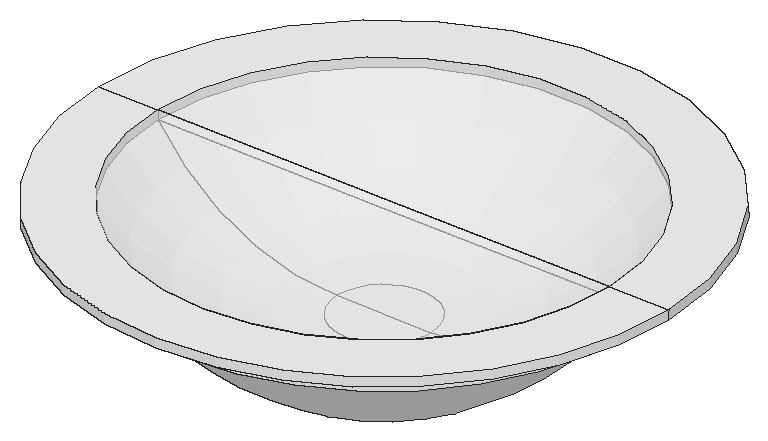
Revit family "0030342 Sylvania Lighting Fixture START Downlight 175 IP44 1-10V 1425Lm 830", category Lighting Fixtures, host Face, Revit 2016
Family settings
  Host = Face
  Part Type = Normal
  Round Connector Dimension = Use Diameter
  OmniClass Number = 23.80.70.00
  OmniClass Title = Lighting
  Cut with Voids When Loaded = No
  Light Source = Yes
  Shared = No
  Room Calculation Point = No
Parameters (values of type "0030342 ST DOWNLIGHT 175 IP44 1-10V 1425LM 830")
  Weight = "7.272 kg"
  Wattage Comments = ""
  Wattage = 14 W
  WarrantyStartDate [instance] = "n/a"
  WarrantyGuarantorParts = "n/a"
  WarrantyDurationUnit = "n/a"
  WarrantyDurationParts = "n/a"
  WarrantyDescription = "n/a"
  built-in parameter 1150110 = 1 (stored number, unit not read)
  Voltage = 230 V
  URL = "http://www.sylvania-lighting.com"
  TypeName = "START Downlight 175 IP44 1-10V 1425Lm 830"
  Type Image = <None>
  Type Comments = "n/a"
  built-in parameter 1114217 = 1 (stored number, unit not read)
  Tilt Angle = -90.00°
  built-in parameter 1150109 = 1 (stored number, unit not read)
  built-in parameter 1150134 = (empty or 0)
  built-in parameter 1150113 = 1 (stored number, unit not read)
  SerialNumber [instance] = "n/a"
  S_SYL = no
  RadiusTop_SYL = if(S_SYL, 80 mm, if(M_SYL, 100 mm, if(L_SYL, 120 mm, 120 mm)))  # 100 mm
  Photometric Web File = "0030342.ies"
  Material_3_FEILO = Top-Sylvania-STARTDownlight
  PowerFactor = 0.9
  PowerConsumption = "14 W"
  NominalLength = 195 mm
  NominalHeight = 55 mm
  NominalDepth = 195 mm
  Name = "START Downlight 175 IP44 1-10V 1425Lm 830"
  ModelReference = Name  # "START Downlight 175 IP44 1-10V 1425Lm 830"
  ModelNumber = "0030342"
  Model = Name  # "START Downlight 175 IP44 1-10V 1425Lm 830"
  Material = "aluminium housing, polycarbonate diffuser"
  ManufacturerName = "Feilo Sylvania"
  Manufacturer = "Feilo Sylvania"
  M_SYL = yes
  LuminousEfficacy = "100.2 lm/W"
  built-in parameter 1150105 = 784.12 (stored number, unit not read)
  Lumens = 1403.35 lm
  LuminaireType = ""
  built-in parameter 1150115 = 1 (stored number, unit not read)
  LightOutputRatio = "100"
  built-in parameter 1150137 = (empty or 0)
  built-in parameter 1150139 = (empty or 0)
  LampsType = Lamp  # "LED"
  LampNominalLuminous = "1403 lm"
  LampMacAdamStep = "5"
  LampColourTemperature = "3000 K"
  LampColourRenderingIndex = "80"
  built-in parameter 1150112 = 1 (stored number, unit not read)
  built-in parameter 1150114 = 1 (stored number, unit not read)
  Lamp = "LED"
  L_SYL = no
  Keynote = "16500"
  InstallationDate [instance] = "n/a"
  InputVoltage = "220-240V~"
  InputNominalFrequency = "50/60 Hz"
  built-in parameter 1150132 = (empty or 0)
  built-in parameter 1150102 = (empty or 0)
  built-in parameter 1150107 = 3000 (stored number, unit not read)
  built-in parameter 1150138 = (empty or 0)
  IngressProtection = "IP20/44"
  ImpactProtectionIndex = "IK07"
  built-in parameter 1150106 = 7.8412 (stored number, unit not read)
  IfcExportType = "IfcLightFixtureType"
  IfcExportAs = "IfcLightFixtureType"
  Height_SYL = if(S_SYL, 41 mm, if(M_SYL, 47 mm, if(L_SYL, 56 mm, 62 mm)))  # 47 mm
  ExpectedLife = 50000
  Emit from Circle Diameter = Diameter_SYL - 40 mm  # 153 mm
  Emit Shape Visible in Rendering = no
  ElectricShockClassification = "Class II"
  built-in parameter 1150104 = 9.3125 (stored number, unit not read)
  DurationUnit = "hours"
  DocumentationLiterature = "http://www.sylvania-lighting.com/product/en-int/products/0030342"
  DimmingControlOptions = "Dimmable"
  Material_2_FEILO = Diffuser-Sylvania-STARTDownlight
  Dimming Lamp Color Temperature Shift = <None>
  Diameter_SYL = if(S_SYL, 164 mm, if(M_SYL, 193 mm, if(L_SYL, 220 mm, 240 mm)))  # 193 mm
  DiameterTop_SYL = if(S_SYL, 77 mm, if(M_SYL, 81 mm, if(L_SYL, 104 mm, 105 mm)))  # 81 mm
  DiameterRecess_SYL = if(S_SYL, 141 mm, if(M_SYL, 169 mm, if(L_SYL, 198 mm, 216 mm)))  # 169 mm
  Description = ""
  Default Elevation = 1219.2 mm
  CreatedOn = "8/1/2018"
  CreatedBy = "@sylvania-lighting.com"
  Cost = 0
  Color Filter = 16777215
  built-in parameter 1114216 [instance] = (empty or 0)
  ClassificationValue = "EF_70_80"
  ClassificationName = "Uniclass2015"
  Material_1_FEILO = Trim-Sylvania-STARTDownlight-White
  BarCode [instance] = "n/a"
  built-in parameter 1114218 = 1 (stored number, unit not read)
  built-in parameter 1150133 = 10 (stored number, unit not read)
  AssetType = "Fixed"
  AssetIdentifier [instance] = "n/a"
  Assembly Code = "D5020200"
  Apparent Load = 14 VA
  Material_4_FEILO = LED-Sylvania-STARTDownlight
Reference planes
  plane 1 "Center (Front/Back)": y = 0
  plane 2: z = 0
  plane 3 "Center (Left/Right)": x = 0
  plane 4: x = 96.5
  plane 5: x = -96.5
  plane 6: z = 3
  plane 7: z = -8
  plane 8: z = -42
  plane 9: z = -44
  plane 10: x = -84.5
  plane 11: x = 84.5
  plane 12: x = -40.5
  plane 13: x = 40.5
  plane 14: x = -76.5
  plane 15: x = 76.5
  plane 16: z = -85
  plane 17: x = -76.5
  plane 18: z = 2
  plane 19: z = -32
  plane 20: x = -16
Forms (mm)
  Revolve 1, solid
    sketch origin (0, 0, 0) x (1, 0, 0) y (0, 0, 1)
      loop
        line (-96.5, 3) -> (-96.5, 0) -> (-84.5, 0) -> (-84.5, -8) -> (-76.5, -8)
        arc (-76.5, -8) -> (-60.638, -27.264) -> (-40.5, -42) r 100
        line (-40.5, -42) -> (0, -42) -> (0, -32) -> (-16, -32)
        arc (-16, -32) -> (-50.221, -23.507) -> (-76.5, 0) r 73.191
        line (-76.5, 0) -> (-76.5, 3) -> (-96.5, 3)
      axis (0, 3) -> (0, -42)
    angle from 360 to 0
  Revolve 2, void
    sketch origin (0, 0, 0) x (1, 0, 0) y (0, 0, 1)
      loop
        line (0, 0) -> (-84.5, 0) -> (-84.5, -85) -> (0, -85) -> (0, 0)
      axis (0, 0) -> (0, -85)
    angle from 360 to 0
  Revolve 3, solid, material "Diffuser-Sylvania-STARTDownlight" <- "Material_2_FEILO"
    sketch origin (0, 0, 0) x (1, 0, 0) y (0, 0, 1)
      loop
        line (-76.5, 3) -> (-76.5, 0) -> (0, 0) -> (0, 3) -> (-76.5, 3)
      axis (0, 3) -> (0, 0)
    angle from 360 to 0
Dimensions and locks
  equal spacing: plane 4, plane 3 "Center (Left/Right)", plane 5
  "Diameter_SYL": plane 4 to plane 5
  equal spacing: plane 11, plane 3 "Center (Left/Right)", plane 10
  equal spacing: plane 13, plane 3 "Center (Left/Right)", plane 12
  "DiameterTop_SYL": plane 13 to plane 12
  equal spacing: plane 15, plane 3 "Center (Left/Right)", plane 14
  locked: plane 6 to plane 2 at 3
  "Height_SYL": plane 6 to plane 9
  locked: plane 8 to plane 9 at 2
  locked: plane 2 to plane 7 at 8
  locked: plane 2 to plane 16 at 85
  locked: plane 17 to plane 5 at 20
  locked: plane 6 to plane 18 at 1
  "DiameterRecess_SYL": plane 11 to plane 10
  locked: plane 19 to plane 8 at 10
  locked: plane 3 "Center (Left/Right)" to plane 20 at 16
  locked: plane 14 to plane 5 at 20
  "RadiusTop_SYL": radius of Revolve 1 sketch curve
  aligned and locked: plane 2 to host face
  aligned and locked: level to host face
  aligned and locked: Revolve 1 sketch curve to plane 5
  aligned and locked: Revolve 1 sketch curve to level
  aligned and locked: plane 7 to Revolve 1 sketch curve
  aligned and locked: Revolve 1 sketch curve to plane 10
  aligned and locked: plane 14 to Revolve 1 sketch curve
  aligned and locked: plane 3 "Center (Left/Right)" to Revolve 1 sketch curve
  aligned and locked: Revolve 1 sketch curve to plane 8
  aligned and locked: Revolve 1 sketch curve to plane 3 "Center (Left/Right)"
  aligned and locked: Revolve 2 sketch curve to plane 3 "Center (Left/Right)"
  aligned and locked: plane 3 "Center (Left/Right)" to Revolve 2 sketch curve
  aligned and locked: Revolve 2 sketch curve to plane 10
  aligned and locked: plane 16 to Revolve 2 sketch curve
  aligned and locked: Revolve 1 sketch curve to plane 6
  aligned and locked: plane 19 to Revolve 1 sketch curve
  aligned and locked: plane 20 to Revolve 1 sketch curve
  aligned and locked: Revolve 1 sketch curve to Revolve 1 sketch curve
  aligned and locked: plane 17 to Revolve 1 sketch curve
  aligned and locked: plane 2 to Revolve 1 sketch curve
  aligned and locked: Revolve 3 sketch curve to plane 3 "Center (Left/Right)"  (x2)
  aligned and locked: plane 3 "Center (Left/Right)" to imposter light
  aligned and locked: imposter light to plane 18
  aligned and locked: imposter light to plane 1 "Center (Front/Back)"
  aligned and locked: plane 14 to Revolve 3 sketch curve
Automatic sketch dimensions
  host sketch curve to host sketch curve = 2438.4 mm  (x2)
  plane 16 to Revolve 2 sketch curve = 524.6 mm
  Revolve 2 sketch curve to plane 6 = 2606.058 mm
  Revolve 1 sketch curve to plane 12 = 0 mm
  plane 16 to Revolve 1 sketch curve = 524.6 mm
  Revolve 1 sketch curve to Revolve 1 sketch curve = 2581.366 mm
  Revolve 2 sketch curve to level = 0 mm
  Revolve 3 sketch curve to plane 6 = 0 mm
  Revolve 3 sketch curve to level = 0 mm
  plane 16 to Revolve 3 sketch curve = 524.6 mm
  Revolve 3 sketch curve to Revolve 3 sketch curve = 2606.058 mm
Connectors
  electrical at (0, 0, 0), driven by "Apparent Load", driven by "PowerFactor", driven by "Voltage"
    settings: index 1, voltage 230 V, apparent load 14 VA, apparent load phase1 0 VA, apparent load phase2 0 VA, apparent load phase3 0 VA, power factor 0.9, load classification "Lighting", number of poles 1, system type 30, power factor state 1, is connector primary yes, connector utility no, sub classification motor no, connector description ""
